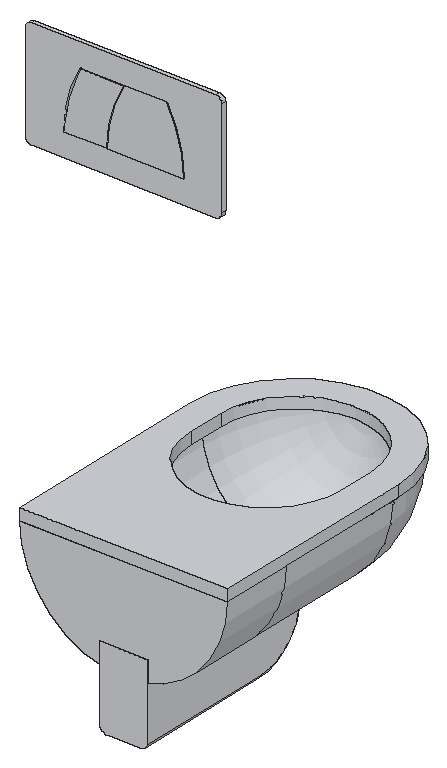
Revit family
Parameters (values of type "550 x 360mm")
  Seat Material = none
  Manufacturer = "Revit"
  Button Placement Height = 1000 mm
  Button Material = none
  Assembly Code = "D2010110"
Reference planes
  plane 1: y = 0
  plane 2 "Center (Left/Right)": x = 125
  plane 3 "Back": y = 75
Text (mm)
  text "Placement side" at (-1787.139, 592.35, 0), in view "Ref. Level"
  text "Placement side" at (0, 1827.695, 2917.686), in view "Left"
  text "Placement side" at (0, 562.268, 3853.606), in view "Right"
Dimensions and locks
  locked: plane 3 "Back" to host wall at 0
  "Button Placement Height": level to nested 1
  aligned and locked: host wall to plane 1
  aligned and locked: plane 2 "Center (Left/Right)" to nested 1
  aligned and locked: plane 3 "Back" to nested 1
  aligned and locked: plane 3 "Back" to nested 2
Nested families
  nested 1: "WC button" at (125, 75, 1000), type "340 x 190mm"
  nested 2: "WC seat_1" at (125, 75, 122.666), type "550 x 360mm"
Definition of nested family "WC button"
  Parameters (values of type "340 x 190mm")
    Material = none
    Manufacturer = "Revit"
    Assembly Code = "D2010"
  Reference planes
    plane 1 "Center (Front/Back)": y = 0
    plane 2: z = 0
    plane 3 "Center (Left/Right)": x = 0
  Forms (mm)
    Extrusion 1, solid, material <- "Material", detail levels medium+fine
      sketch origin (-125, 135, -900) x (1, 0, 0) y (0, 0, 1)
        loop
          line (285, 1090) -> (-35, 1090)
          arc (-35, 1090) -> (-42.071, 1087.071) -> (-45, 1080) r 10
          line (-45, 1080) -> (-45, 910)
          arc (-45, 910) -> (-42.071, 902.929) -> (-35, 900) r 10
          line (-35, 900) -> (285, 900)
          arc (285, 900) -> (292.071, 902.929) -> (295, 910) r 10
          line (295, 910) -> (295, 1080)
          arc (295, 1080) -> (292.071, 1087.071) -> (285, 1090) r 10
        loop
          line (200, 1050) -> (50, 1050)
          arc (50, 1050) -> (27.772, 996.971) -> (20, 940) r 220.643
          line (20, 940) -> (230, 940)
          arc (230, 940) -> (222.228, 996.971) -> (200, 1050) r 220.643
      from 127.675 to 135
    Extrusion 2, solid, material <- "Material", detail levels medium+fine
      sketch origin (-125, 135, -900) x (1, 0, 0) y (0, 0, 1)
        loop
          arc (228.993, 941) -> (221.207, 996.916) -> (199.424, 1049) r 219.643
          line (199.424, 1049) -> (127.112, 1049)
          arc (127.112, 1049) -> (105.33, 996.916) -> (97.543, 941) r 219.643
          line (97.543, 941) -> (228.993, 941)
        loop
          arc (50.576, 1049) -> (30.444, 996.464) -> (21.007, 941) r 285.457
          line (21.007, 941) -> (95.007, 941)
          arc (95.007, 941) -> (102.966, 996.998) -> (125.213, 1049) r 215.643
          line (125.213, 1049) -> (50.576, 1049)
      from 126.457 to 135
  Dimensions and locks
    locked: Extrusion 1 to Extrusion 1 at 190
    Extrusion 2 to Extrusion 2 to Extrusion 1 = 108 mm locked, 41 mm locked
    locked: Extrusion 1 to Extrusion 1 at 340
    locked: Extrusion 1 to Extrusion 1 at 7.325
    locked: Extrusion 2 to Extrusion 2 at 8.543
    aligned and locked: Extrusion 1 to Extrusion 2
    aligned and locked: Extrusion 1 to level
    aligned and locked: plane 1 "Center (Front/Back)" to Extrusion 1
Definition of nested family "WC seat_1"
  Parameters (values of type "550 x 360mm")
    Material = none
    Manufacturer = "Revit"
    Assembly Code = "D2010110"
  Reference planes
    plane 1 "Center (Front/Back)": y = 0
    plane 2: z = 0
    plane 3 "Center (Left/Right)": x = 0
    plane 4: y = -244.9
  Forms (mm)
    Extrusion 1, solid, material <- "Material"
      sketch origin (0, 0, 307.334) x (1, 0, 0) y (0, 1, 0)
        loop
          line (-179.9, 0) -> (-179.9, -370.216)
          arc (-179.9, -370.216) -> (0.005, -550.122) -> (179.91, -370.216) r 179.905
          line (179.91, -370.216) -> (179.91, 0) -> (-179.9, 0)
        loop
          line (-130, -308.309) -> (-130, -372.093)
          arc (-130, -372.093) -> (0, -502.093) -> (130, -372.093) r 130
          line (130, -372.093) -> (130, -308.309)
          arc (130, -308.309) -> (0, -178.309) -> (-130, -308.309) r 130
      from -20 to 0
    Blend 2, solid, material <- "Material"
      base sketch origin (0, -124.9, 287.334) x (0, 0, -1) y (-1, 0, 0)
        loop
          line (0, 180) -> (0, -180)
          arc (0, -180) -> (180, 0) -> (0, 180) r 180
      top sketch origin (0, -124.9, 287.334) x (0, 0, -1) y (-1, 0, 0)
        loop
          line (0, 179.9) -> (0, -180)
          arc (0, -180) -> (179.95, -0.05) -> (0, 179.9) r 179.95
      from 0 to 124.9
    Extrusion 3, solid, material <- "Material"
      sketch origin (0, 0, 307.334) x (0, 1, 0) y (0, 0, 1)
        loop
          arc (0, -158.01) -> (-167.212, -190.758) -> (-337.566, -187.334) r 799.626
          line (-337.566, -187.334) -> (-337.566, -207.334)
          arc (-337.566, -207.334) -> (-310.425, -272.859) -> (-244.9, -300) r 92.666
          line (-244.9, -300) -> (0, -300) -> (0, -158.01)
      from -41.163 to 41.173
    Sweep 4, void
      path origin (41.173, 0, 149.324) x (0, 0, 1) y (0, -1, 0)
        loop
          line (-29.324, 337.566) -> (-49.324, 337.566)
          arc (-49.324, 337.566) -> (-114.849, 310.425) -> (-141.99, 244.9) r 92.666
          line (-141.99, 244.9) -> (-141.99, 0)
      profile origin (0, -122.45, 0) x (0, 0, 1) y (1, 0, 0)
        loop
          line (26.442, 42.532) -> (26.442, 53.837) -> (-3.558, 53.837) -> (-3.558, -51.163) -> (26.442, -51.163) -> (26.442, -43.084) -> (22.334, -43.084)
          arc (22.334, -43.084) -> (11.727, -38.69) -> (7.334, -28.084) r 15
          line (7.334, -28.084) -> (7.334, 27.532)
          arc (7.334, 27.532) -> (11.727, 38.139) -> (22.334, 42.532) r 15
          line (22.334, 42.532) -> (26.442, 42.532)
    Revolve 5, solid, material <- "Material"
      sketch origin (-135.875, 0, 287.334) x (0, -1, 0) y (1, 0, 0)
        loop
          line (124.9, -18.028) -> (124.9, -44.025) -> (359.287, -44.025)
          arc (359.287, -44.025) -> (490.375, 8.047) -> (550, 135.875) r 191.038
          line (550, 135.875) -> (523.953, 135.875)
          arc (523.953, 135.875) -> (472.275, 26.71) -> (360.086, -18.028) r 165.042
          line (360.086, -18.028) -> (124.9, -18.028)
        axis (550, 135.875) -> (124.9, 135.875)
      angle from 0 to 180
  Cuts and joins
    Sweep 4 cuts Extrusion 1
    Sweep 4 cuts Blend 2
    Sweep 4 cuts Extrusion 3
  Lines and regions (mm)
    symbolic lines
      curve 1: line (-179.9, 0, 0) -> (-179.9, -359.287, 0)
      curve 2: arc (-179.9, -359.287, 0) -> (-4.657, -549.944, 0) -> (179.91, -368.299, 0) r 180.067
      curve 3: line (179.91, -368.299, 0) -> (179.91, 0, 0)
      curve 4: line (179.91, 0, 0) -> (-179.9, 0, 0)
      curve 9: line (130.63, -372.093, 0) -> (-130.877, -308.309, 0)
      curve 10: line (-130.877, -308.309, 0) -> (130.63, -372.093, 0)
    symbolic lines, detail levels medium+fine
      curve 5: arc (-87.431, -129.902, 0) -> (-81.102, -136.231, 0) -> (-74.773, -129.902, 0) r 6.329
      curve 6: arc (-74.773, -129.902, 0) -> (-81.102, -123.573, 0) -> (-87.431, -129.902, 0) r 6.329
      curve 7: arc (75.37, -129.902, 0) -> (81.699, -136.231, 0) -> (88.028, -129.902, 0) r 6.329
      curve 8: arc (88.028, -129.902, 0) -> (81.699, -123.573, 0) -> (75.37, -129.902, 0) r 6.329
      curve 11: line (47.129, -320.624, 0) -> (-47.196, -320.624, 0)
      curve 12: line (-47.196, -320.624, 0) -> (47.129, -320.624, 0)
